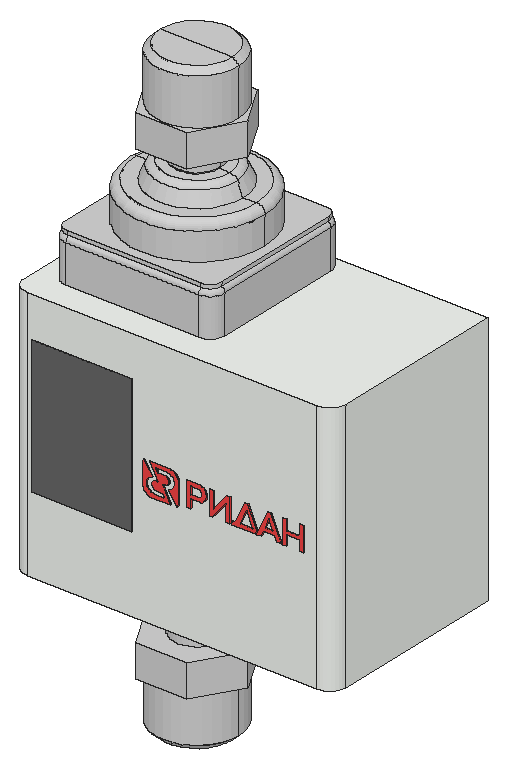
Revit family "РИДАН_Реле перепада давления RT262R", category Арматура трубопроводов, Revit 2019
Family settings
  Размер круглого соединителя = Использовать диаметр
  Тип детали = Нормальный
  На основе рабочей плоскости = Нет
  Всегда вертикально = Да
  При загрузке вырезать с полостями = Нет
  Общий = Нет
Parameters (values of type "RT262R")
  Контакты_Производитель = "info@ridan.ru"  # constant formula
  ADSK_Наименование = "Реле перепада давления RT262R, диапазон настройки 0,5..3,5 бар"
  ADSK_Масса_Текст = ""
  ADSK_Масса = 0.57
  ADSK_Марка = "RT262R"
  ADSK_Количество = 1  # constant formula
  ADSK_Код изделия = "017D002566R"
  ADSK_Завод-изготовитель = "ООО «Ридан-Трейд»"  # constant formula
  ADSK_Единица измерения = "шт."
  ADSK_Диаметр условный = 15 mm
  ADSK_Версия семейства = "1.0"  # constant formula
  ADSK_Версия Revit = "2019"  # constant formula
Reference planes
  plane 1 "По центру (Вперед/Назад)": y = 0
  plane 2: z = 0
  plane 3 "По центру (Влево/Вправо)": x = 0
  plane 4: z = 91.659
  plane 5: z = -77.385
Forms (mm)
  Extrusion 1, solid, material "Белый", detail levels fine
    sketch origin (0, 0, 0) x (1, 0, 0) y (0, 1, 0)
      loop
        line (61.639, 23.349) -> (-27.241, 23.349) -> (-27.241, -25.535)
        arc (-27.241, -25.535) -> (-25.94, -28.677) -> (-22.797, -29.979) r 4.444
        line (-22.797, -29.979) -> (57.195, -29.979)
        arc (57.195, -29.979) -> (60.337, -28.677) -> (61.639, -25.535) r 4.444
        line (61.639, -25.535) -> (61.639, 23.349)
    from -35.056 to 34.996
  Extrusion 2, solid, material "Сталь нержавеющая", detail levels fine
    sketch origin (0, 0, 0) x (1, 0, 0) y (0, 1, 0)
      loop
        line (18.332, 21.664) -> (-18.331, 21.664)
        arc (-18.331, 21.664) -> (-20.688, 20.688) -> (-21.664, 18.332) r 3.333
        line (-21.664, 18.332) -> (-21.664, -18.331)
        arc (-21.664, -18.331) -> (-20.688, -20.688) -> (-18.331, -21.664) r 3.333
        line (-18.331, -21.664) -> (18.332, -21.665)
        arc (18.332, -21.665) -> (20.688, -20.688) -> (21.665, -18.331) r 3.333
        line (21.665, -18.331) -> (21.665, 18.332)
        arc (21.665, 18.332) -> (20.688, 20.688) -> (18.332, 21.664) r 3.333
    from 47.218 to 48.108
  Sweep 3, solid, material "Сталь нержавеющая", detail levels fine
    path in 3D
      loop
        arc (21.665, -18.331, 47.218) -> (20.688, -20.688, 47.218) -> (18.332, -21.664, 47.218) r 3.333
        line (18.332, -21.664, 47.218) -> (-18.331, -21.664, 47.218)
        arc (-18.331, -21.664, 47.218) -> (-20.688, -20.688, 47.218) -> (-21.664, -18.331, 47.218) r 3.333
        line (-21.664, -18.331, 47.218) -> (-21.664, 18.332, 47.218)
        arc (-21.664, 18.332, 47.218) -> (-20.688, 20.688, 47.218) -> (-18.331, 21.665, 47.218) r 3.333
        line (-18.331, 21.665, 47.218) -> (18.332, 21.665, 47.218)
        arc (18.332, 21.665, 47.218) -> (20.688, 20.688, 47.218) -> (21.665, 18.332, 47.218) r 3.333
        line (21.665, 18.332, 47.218) -> (21.665, -18.331, 47.218)
    profile origin (21.665, 0, 47.218) x (-1, 0, 0) y (0, 0, -1)
      loop
        arc (-0.573, 1.667) -> (-0.085, 0.488) -> (1.094, 0) r 1.667
        line (1.094, 0) -> (1.094, 12.221) -> (-0.573, 12.221) -> (-0.573, 1.667)
  Revolve 4, solid, material "Сталь нержавеющая", detail levels fine
    sketch origin (0, 0, 0) x (1, 0, 0) y (0, 0, 1)
      loop
        line (-18.85, 55.662) -> (-18.85, 48.108) -> (0, 48.108) -> (0, 68.328) -> (-6.685, 68.328) -> (-6.685, 63.328) -> (-6.129, 62.773) -> (-9.142, 62.773)
        arc (-9.142, 62.773) -> (-10.345, 62.419) -> (-11.165, 61.47) r 2.222
        line (-11.165, 61.47) -> (-12.795, 57.884) -> (-16.628, 57.884)
        arc (-16.628, 57.884) -> (-18.199, 57.234) -> (-18.85, 55.662) r 2.222
      axis (0, 68.328) -> (0, 48.108)
    angle from 0 to 360
  Revolve 5, solid, material "Сталь нержавеющая", detail levels fine
    sketch origin (0, 0, 0) x (1, 0, 0) y (0, 0, 1)
      loop
        arc (-18.806, -41.389) -> (-18.155, -42.96) -> (-16.584, -43.611) r 2.222
        line (-16.584, -43.611) -> (-12.751, -43.611) -> (-11.121, -47.197)
        arc (-11.121, -47.197) -> (-10.302, -48.145) -> (-9.099, -48.499) r 2.222
        line (-9.099, -48.499) -> (-6.101, -48.499) -> (-6.657, -49.055) -> (-6.657, -54.054) -> (0, -54.054) -> (0, -35.056) -> (-18.806, -35.056) -> (-18.806, -41.389)
      axis (0, -35.056) -> (0, -54.054)
    angle from 0 to 360
  Extrusion 6, solid, material "Сталь нержавеющая", detail levels fine
    sketch origin (0, 0, 0) x (1, 0, 0) y (0, 1, 0)
      loop
        line (-7.056, 12.221) -> (-14.112, 0) -> (-7.056, -12.221) -> (7.056, -12.221) -> (14.112, 0) -> (7.056, 12.221) -> (-7.056, 12.221)
    from -62.942 to -54.054
  Extrusion 7, solid, material "Сталь нержавеющая", detail levels fine
    sketch origin (0, 0, 131.27) x (1, 0, 0) y (0, 1, 0)
      loop
        line (-7.056, 12.221) -> (-14.112, 0) -> (-7.056, -12.221) -> (7.056, -12.221) -> (14.112, 0) -> (7.056, 12.221) -> (-7.056, 12.221)
    from -62.942 to -54.054
  Revolve 8, solid, material "Сталь нержавеющая", detail levels fine
    sketch origin (0, 0, 0) x (1, 0, 0) y (0, 0, 1)
      loop
        line (-11.629, 89.992) -> (-11.629, 77.216) -> (0, 77.216) -> (0, 91.659) -> (-9.962, 91.659) -> (-11.629, 89.992)
      axis (0, 91.659) -> (0, 77.216)
    angle from 0 to 360
  Revolve 9, solid, material "Сталь нержавеющая", detail levels fine
    sketch origin (0, 0, 0) x (1, 0, 0) y (0, 0, 1)
      loop
        line (-11.601, -62.942) -> (-11.601, -75.719) -> (-9.934, -77.385) -> (0, -77.385) -> (0, -62.942) -> (-11.601, -62.942)
      axis (0, -62.942) -> (0, -77.385)
    angle from 0 to 360
  Extrusion 10, solid, material "Пластик светло-черный", detail levels fine
    sketch origin (-7.472, 0, 0) x (1, 0, 0) y (0, 0, 1)
      loop
        line (-14.193, 23.886) -> (-14.193, -13.888) -> (13.582, -13.888) -> (13.582, 23.886) -> (-14.193, 23.886)
    from 29.1 to 30.1
  Extrusion 11, solid, material "Красный", detail levels fine
    sketch origin (-0.337, -6.179, -62.702) x (1, 0, 0) y (0, 0, 1)
      loop
        line (11.467, 67.919) -> (13.847, 63.509) -> (12.993, 63.509)
        arc (12.993, 63.509) -> (12.29, 63.217) -> (11.998, 62.514) r 0.994
        arc (11.998, 62.514) -> (12.368, 61.623) -> (13.259, 61.254) r 1.261
        line (13.259, 61.254) -> (15.108, 61.254) -> (15.716, 60.109) -> (13.141, 60.109)
        arc (13.141, 60.109) -> (12.136, 60.288) -> (11.254, 60.8) r 2.923
        arc (11.254, 60.8) -> (10.612, 61.661) -> (10.55, 62.733) r 1.865
        arc (10.55, 62.733) -> (11.1, 63.712) -> (12.083, 64.256) r 2.055
        line (12.083, 64.256) -> (9.807, 67.919)
        arc (9.807, 67.919) -> (9.511, 67.44) -> (9.407, 66.887) r 1.532
        line (9.407, 66.887) -> (9.407, 61.686)
        arc (9.407, 61.686) -> (10.161, 59.865) -> (11.982, 59.111) r 2.574
        line (11.982, 59.111) -> (17.282, 59.111) -> (14.909, 63.509) -> (15.825, 63.509)
        arc (15.825, 63.509) -> (16.318, 63.745) -> (16.673, 64.162) r 1.316
        arc (16.673, 64.162) -> (16.786, 64.631) -> (16.673, 65.1) r 1.03
        arc (16.673, 65.1) -> (16.337, 65.556) -> (15.815, 65.777) r 1.072
        line (15.815, 65.777) -> (13.655, 65.777) -> (13.068, 66.881) -> (16.003, 66.881)
        arc (16.003, 66.881) -> (17.08, 66.558) -> (17.888, 65.777) r 2.377
        arc (17.888, 65.777) -> (18.205, 64.888) -> (18.112, 63.948) r 2.156
        arc (18.112, 63.948) -> (17.593, 63.143) -> (16.748, 62.691) r 1.911
        line (16.748, 62.691) -> (18.833, 59.22)
        arc (18.833, 59.22) -> (19.247, 59.579) -> (19.401, 60.105) r 0.972
        line (19.401, 60.105) -> (19.401, 65.299)
        arc (19.401, 65.299) -> (18.634, 67.152) -> (16.781, 67.919) r 2.62
        line (16.781, 67.919) -> (11.467, 67.919)
      loop
        line (21.612, 66.83) -> (21.612, 60.201) -> (22.766, 60.201) -> (22.766, 62.558) -> (25.097, 62.558)
        arc (25.097, 62.558) -> (26.115, 62.864) -> (26.837, 63.645) r 2.023
        arc (26.837, 63.645) -> (27.072, 64.943) -> (26.529, 66.147) r 2.223
        arc (26.529, 66.147) -> (25.877, 66.636) -> (25.085, 66.83) r 2.034
        line (25.085, 66.83) -> (21.612, 66.83)
      loop
        line (22.766, 65.785) -> (22.766, 63.5) -> (24.802, 63.5)
        arc (24.802, 63.5) -> (25.545, 63.87) -> (25.88, 64.629) r 1.223
        arc (25.88, 64.629) -> (25.592, 65.442) -> (24.802, 65.785) r 1.081
        line (24.802, 65.785) -> (22.766, 65.785)
      loop
        line (27.84, 66.83) -> (27.84, 60.201) -> (28.789, 60.201) -> (32.462, 64.824) -> (32.462, 60.201) -> (33.566, 60.201) -> (33.566, 66.83) -> (32.592, 66.83) -> (28.945, 62.194) -> (28.945, 66.83) -> (27.84, 66.83)
      loop
        line (34.003, 60.201) -> (40.59, 60.201) -> (41.038, 61.255) -> (38.59, 66.83) -> (37.7, 66.83) -> (35.261, 61.255) -> (34.451, 61.255) -> (34.003, 60.201)
      loop
        line (36.428, 61.255) -> (39.861, 61.255) -> (38.137, 65.186) -> (36.428, 61.255)
      loop
        line (43.962, 66.83) -> (41.047, 60.201) -> (42.231, 60.201) -> (42.869, 61.658) -> (45.904, 61.658) -> (46.541, 60.201) -> (47.75, 60.201) -> (44.852, 66.83) -> (43.962, 66.83)
      loop
        line (48.081, 66.83) -> (48.081, 60.201) -> (49.237, 60.201) -> (49.237, 63.013) -> (52.752, 63.013) -> (52.752, 60.201) -> (53.857, 60.201) -> (53.857, 66.83) -> (52.752, 66.83) -> (52.752, 64.067) -> (49.237, 64.067) -> (49.237, 66.83) -> (48.081, 66.83)
      loop
        line (43.329, 62.711) -> (45.444, 62.711) -> (44.371, 65.166) -> (43.329, 62.711)
    from 22.9 to 23.921
  Revolve 12, solid, material "Белый", detail levels fine
    sketch origin (0, -1.926, 0) x (0, 1, 0) y (0, 0, 1)
      loop
        arc (28.053, 18.617) -> (27.968, 19.042) -> (27.727, 19.403) r 1.111
        line (27.727, 19.403) -> (25.275, 21.855) -> (25.275, 0) -> (28.053, 0) -> (28.053, 18.617)
      axis (28.053, 0) -> (25.275, 0)
    angle from 0 to 360
Lines and regions (mm)
  sketch lines
    curve 1: line (21.665, 18.332, 47.218) -> (21.665, -18.331, 47.218)
    curve 2: arc (18.332, -21.664, 47.218) -> (20.688, -20.688, 47.218) -> (21.665, -18.331, 47.218) r 3.333
    curve 3: arc (21.665, 18.332, 47.218) -> (20.688, 20.688, 47.218) -> (18.332, 21.665, 47.218) r 3.333
    curve 4: line (-18.331, 21.664, 47.218) -> (18.332, 21.665, 47.218)
    curve 5: arc (-18.331, 21.665, 47.218) -> (-20.688, 20.688, 47.218) -> (-21.664, 18.332, 47.218) r 3.333
    curve 6: line (-21.664, -18.331, 47.218) -> (-21.664, 18.332, 47.218)
    curve 7: arc (-21.664, -18.331, 47.218) -> (-20.688, -20.688, 47.218) -> (-18.331, -21.664, 47.218) r 3.333
    curve 8: line (18.332, -21.665, 47.218) -> (-18.331, -21.664, 47.218)
  model lines, detail levels coarse+medium
    curve 9: circle (0, 0, 61.7) r 30 normal (0, -1, 0)
    curve 10: line (0, 0, 31.7) -> (0, 0, 0)
    curve 11: line (-5.837, 0, 80.913) -> (-5.837, 0, 38.646)
    curve 12: line (-5.837, 0, 80.913) -> (9.304, 0, 80.913)
    curve 13: line (-5.837, 0, 58.202) -> (8.992, 0, 58.202)
    curve 14: arc (9.304, 0, 80.913) -> (15.583, 0, 76.771) -> (17.834, 0, 69.593) r 11.22
    curve 15: arc (8.992, 0, 58.202) -> (15.485, 0, 62.289) -> (17.834, 0, 69.593) r 11.22
Dimensions and locks
  aligned and locked: level to plane 2
Nested families
  nested 1: "УГО_ЭУ_реле" at (0, 0, 0), type "УГО_ЭУ_реле"
    with УГО_Длина 100 mm, УГО_Высота 76.308 mm
Connectors
  piping at (0, 0, 91.659), diameter 15, driven by "ADSK_Диаметр условный"
    settings: on plane 4, index 1, connector inside diameter 609.6 mm, connector length 0 mm, flow factor 0, pipe flow 0.0 L/s, pressure drop 0.0 Pa, fitting loss kfactor 0, connector angle 0.00°, fixture units 0, engagement length 0 mm, angle of deflection 0.00°, flow configuration 0, flow direction 0, fitting loss method 0, system type 29, joint type 0, gender type 0, connector reference index -1, connector utility 0, adjustable connector no, is connector primary yes, connector description ""
  piping at (0, 0, -77.385), diameter 15, driven by "ADSK_Диаметр условный"
    settings: on plane 5, index 2, connector inside diameter 609.6 mm, connector length 0 mm, flow factor 0, pipe flow 0.0 L/s, pressure drop 0.0 Pa, fitting loss kfactor 0, connector angle 0.00°, fixture units 0, engagement length 0 mm, angle of deflection 0.00°, flow configuration 0, flow direction 0, fitting loss method 0, system type 29, joint type 0, gender type 0, connector reference index -1, connector utility 0, adjustable connector no, is connector primary no, connector description ""
  electrical at (0, 23.349, 0)
    settings: on Revolve 12, index 3, voltage 0 V, apparent load 0 VA, apparent load phase1 0 VA, apparent load phase2 0 VA, apparent load phase3 0 VA, power factor 1, load classification "Прочее", number of poles 1, system type 13, power factor state 1, is connector primary yes, connector utility no, sub classification motor no, connector description ""
Definition of nested family "УГО_ЭУ_реле"
  Parameters (values of type "УГО_ЭУ_реле")
    УГО_Длина [instance] = 100 mm
    УГО_Высота [instance] = УГО_Длина * 0.76308  # 76.308 mm
  Reference planes
    plane 1 "По центру (Вперед/Назад)": y = 0
    plane 2: z = 0
    plane 3 "По центру (Влево/Вправо)": x = 0
  Lines and regions (mm)
    detail lines, in view "Опорный уровень", detail levels coarse+medium
      curve 1: line (0, 0, 0) -> (0, 31, 0)
      curve 2: circle (0, 61, 0) r 30 normal (0, 0, 1)
      curve 3: line (-11.768, 82.406, 59.779) -> (-11.768, 40.139, 59.779)
      curve 4: line (-11.768, 82.406, 59.779) -> (3.372, 82.406, 59.779)
      curve 5: line (-11.768, 59.695, 59.779) -> (3.06, 59.695, 59.779)
      curve 6: arc (3.372, 82.406, 59.779) -> (9.651, 78.264, 59.779) -> (11.902, 71.087, 59.779) r 11.22
      curve 7: arc (3.06, 59.695, 59.779) -> (9.554, 63.782, 59.779) -> (11.902, 71.087, 59.779) r 11.22
